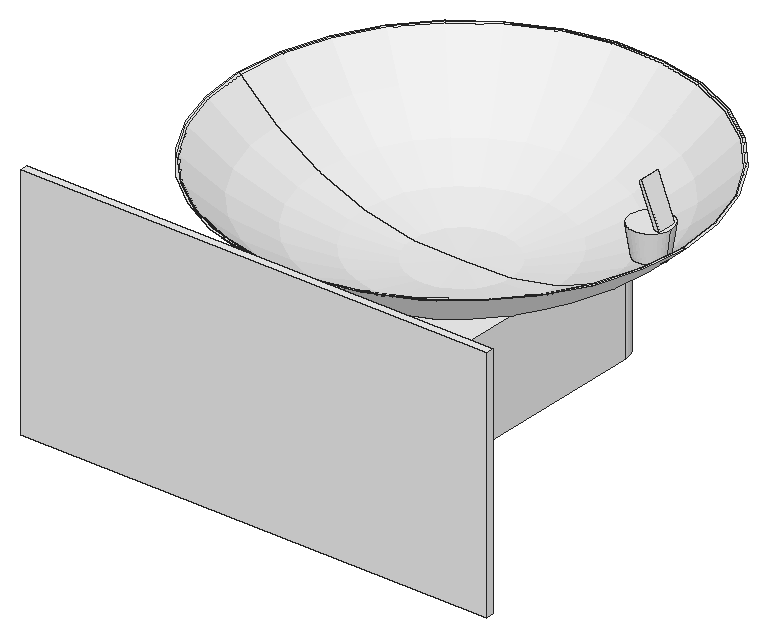
Revit family
Parameters (values of type "Parametric")
  Wash Basin = Stainless steel
  Subcategory = "Drinking Fountain"
  SmartBIM Object Version = 3  # constant formula
  SmartBIM Object Created By = "Reed Construction Data"  # constant formula
  Manufacturer = ""
  Assembly Code = "D2010810"
  95 CSI = "15410"
  04 CSI = "22 47 13"
Reference planes (in)
  plane 1: y = 0
  plane 2 "Center (Left/Right)": x = 0
  plane 3 "Wall Edge": y = 6
  plane 4: z = 26.375
  plane 5: x = -7.5
  plane 6: x = 7.5
  plane 7: z = 34
  plane 8: y = 18.41635
  plane 9: y = 21.625
  plane 10: z = 27
Text (in)
  text "Placement Side" at (0, 40.15149, 123.01588), in view "Right"
  text "Placement Side" at (-92.81036, 58.31278, 0), in view "Ref. Level"
  text "Placement Side" at (0, 81.62555, 140.59947), in view "Left"
Dimensions and locks (in)
  locked: plane 3 "Wall Edge" to host wall
  plane 9 to host wall = 1' - 3 5/8"
  plane 6 to plane 5 = 1' - 3"
  plane 4 to plane 7 = 0' - 7 5/8"
  level to plane 7 = 2' - 10"
  aligned and locked: nested 1 to host wall
  aligned and locked: nested 1 to plane 4
Nested families (in)
  nested 1: "Family1" at (-7.5, 6, 0), type "Family1"
Definition of nested family "Family1"
  Parameters
    Material = Stainless steel
  Reference planes (in)
    plane 1 "Center (Front/Back)": y = 0
    plane 2: z = 0
    plane 3 "Center (Left/Right)": x = 0
  Forms (in)
    Extrusion 1, solid, material "Stainless steel" <- "Material"
      sketch origin (7.5, 0, 0) x (1, 0, 0) y (0, 0, 1)
        loop
          line (7.5, 26.375) -> (7.5, 34) -> (-7.5, 34) -> (-7.5, 26.375) -> (7.5, 26.375)
      from 0 to -0.25
    Extrusion 2, solid, material "Stainless steel" <- "Material"
      sketch origin (7.5, -6, 27) x (1, 0, 0) y (0, 1, 0)
        loop
          line (-1.875, 6.25) -> (1.875, 6.25)
          arc (1.875, 6.25) -> (2.40533, 6.46967) -> (2.625, 7) r 0.75
          line (2.625, 7) -> (2.625, 17.66635)
          arc (2.625, 17.66635) -> (2.40533, 18.19668) -> (1.875, 18.41635) r 0.75
          line (1.875, 18.41635) -> (-1.875, 18.41635)
          arc (-1.875, 18.41635) -> (-2.40533, 18.19668) -> (-2.625, 17.66635) r 0.75
          line (-2.625, 17.66635) -> (-2.625, 7)
          arc (-2.625, 7) -> (-2.40533, 6.46967) -> (-1.875, 6.25) r 0.75
      from 0 to 3.25
    Revolve 3, solid, material "Stainless steel" <- "Material"
      sketch origin (7.44226, 8.41939, -1.0625) x (1, 0, 0) y (0, 0, 1)
        loop
          line (0, 31.31246) -> (0, 31.37507)
          arc (0, 31.37507) -> (-3.87389, 32.00408) -> (-7.10467, 34.23227) r 8.93608
          arc (-7.10467, 34.23227) -> (-7.12307, 34.24537) -> (-7.14518, 34.25) r 0.05515
          line (-7.14518, 34.25) -> (-7.20561, 34.25)
          arc (-7.20561, 34.25) -> (-3.93675, 31.9621) -> (0, 31.31246) r 8.99858
        axis (0, 31.31246) -> (0, 34.25)
      angle from 0 to 360
    Blend 4, solid, material "Stainless steel" <- "Material"
      base sketch origin (7.5, -6, 0) x (1, 0, 0) y (0, 1, 0)
        loop
          circle (6.11116, 14.31757) r 0.5
      top sketch origin (7.5, -6, 0) x (1, 0, 0) y (0, 1, 0)
        loop
          circle (6.11116, 14.31757) r 0.64917
      from 32.65874 to 33.625
    Extrusion 5, solid, material "Stainless steel" <- "Material"
      sketch origin (14.12312, 0, -1.21535) x (0.981627, 0, 0.190809) y (-0.190809, 0, 0.981627)
        loop
          line (6.6246, 34.15238) -> (6.34067, 35.60611) -> (6.30741, 35.59762)
          arc (6.30741, 35.59762) -> (6.2575, 35.56137) -> (6.24607, 35.50075) r 0.08353
          line (6.24607, 35.50075) -> (6.50817, 34.15238) -> (6.6246, 34.15238)
      from -8.66964 to -8.04326
    Revolve 6, solid, material "Stainless steel" <- "Material"
      sketch origin (7.5, -6, 28.6625) x (1, 0, 0) y (0, 1, 0)
        loop
          line (-0.7625, 18.84293) -> (-0.7125, 18.84293) -> (-0.7125, 18.70993) -> (-0.95516, 18.64491)
          arc (-0.95516, 18.64491) -> (-0.98029, 18.62812) -> (-0.99, 18.59951) r 0.047
          line (-0.99, 18.59951) -> (-0.99, 18.50793) -> (-0.99, 18.41635) -> (0, 18.41635) -> (0, 19.14618) -> (-0.71563, 19.14618)
          arc (-0.71563, 19.14618) -> (-0.74877, 19.13245) -> (-0.7625, 19.09931) r 0.04688
          line (-0.7625, 19.09931) -> (-0.7625, 18.84293)
        axis (0, 18.41635) -> (0, 19.14618)
      angle from 0 to 360
  Dimensions and locks (in)
    aligned and locked: Extrusion 2 sketch curve to Extrusion 1
    aligned and locked: Revolve 6 to Extrusion 2
